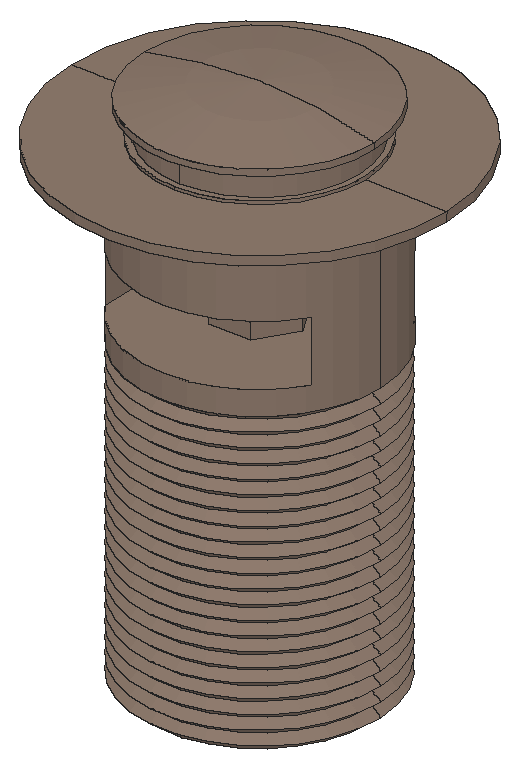
Revit family "ALMA-30mm_Bath_Waste_with_Overflow", category Plumbing Fixtures, Revit 2026
Family settings
  Round Connector Dimension = Use Diameter
  Part Type = Normal
  Work Plane-Based = No
  Enable Cutting in Views = Yes
  Always vertical = Yes
  Cut with Voids When Loaded = No
  Maintain Annotation Orientation = No
  Shared = No
  Room Calculation Point = No
Parameters (values of type "BRUSHED ANTIQUE BRASS")
  Material = BM_ANTIQUE BRASS
  Default Elevation = 0 mm
Reference planes
  plane 1 "Center (Front/Back)": y = 0
  plane 2: z = 0
  plane 3 "Center (Left/Right)": x = 0
  plane 4: x = -31
  plane 5: x = 31
  plane 6: y = 31
  plane 7: y = -31
Forms (mm)
  Revolve 1, solid, material "BM_ANTIQUE BRASS" <- "Material"
    sketch origin (0, 0, -0.248) x (1, 0, 0) y (0, 0, 1)
      loop
        line (0, -28.228) -> (0, 1.748) -> (-31, 1.748) -> (-31, 0.248) -> (-22.891, 0.248)
        arc (-22.891, 0.248) -> (-21.038, -0.803) -> (-19.988, -2.655) r 4
        line (-19.988, -2.655) -> (-19.988, -28.228) -> (0, -28.228)
      axis (0, 1.748) -> (0, -28.228)
    angle from 0 to 360
  Extrusion 2, solid, material "BM_ANTIQUE BRASS" <- "Material"
    sketch origin (0, 0, 1.5) x (0, 1, 0) y (-1, 0, 0)
      loop
        circle (0, 0) r 17.5
    from 0 to 0.5
  Extrusion 3, solid, material "BM_ANTIQUE BRASS" <- "Material"
    sketch origin (0, 0, 2) x (0, 1, 0) y (-1, 0, 0)
      loop
        circle (0, 0) r 16.5
    from 0 to 4.5
  Revolve 4, solid, material "BM_ANTIQUE BRASS" <- "Material"
    sketch origin (0, 0, 0.108) x (1, 0, 0) y (0, 0, 1)
      loop
        line (0, 6.392) -> (0, 9.892)
        arc (0, 9.892) -> (-9.571, 9.206) -> (-19, 7.422) r 83.188
        line (-19, 7.422) -> (-19, 6.392) -> (0, 6.392)
      axis (0, 9.892) -> (0, 6.392)
    angle from 0 to 360
  Revolve 5, solid, material "BM_ANTIQUE BRASS" <- "Material"
    sketch origin (0, 0, -4.147) x (1, 0, 0) y (0, 0, 1)
      loop
        line (0, -24.329) -> (-19.988, -24.329) -> (-18.462, -25.521) -> (-19.946, -26.68) -> (-18.462, -27.839) -> (-19.946, -28.999) -> (-18.462, -30.158) -> (-19.946, -31.317) -> (-18.462, -32.476) -> (-19.946, -33.636) -> (-18.462, -34.795) -> (-19.946, -35.954) -> (-18.462, -37.114) -> (-19.946, -38.273) -> (-18.462, -39.432) -> (-19.946, -40.591) -> (-18.462, -41.751) -> (-19.946, -42.91) -> (-18.462, -44.069) -> (-19.946, -45.229) -> (-18.462, -46.388) -> (-19.946, -47.547) -> (-18.462, -48.707) -> (-19.946, -49.866) -> (-18.462, -51.025) -> (-19.946, -52.184) -> (-18.462, -53.344) -> (-19.946, -54.503) -> (-18.462, -55.662) -> (-19.946, -56.822) -> (-18.462, -57.981) -> (-19.946, -59.14) -> (-18.462, -60.299) -> (-19.946, -61.459) -> (-18.462, -62.618) -> (-19.946, -63.777) -> (-18.462, -64.937) -> (-19.946, -66.096) -> (-18.462, -67.255) -> (-19.946, -68.414) -> (-18.462, -69.574) -> (-19.946, -70.733) -> (-18.462, -71.892) -> (-19.946, -73.052) -> (-18.334, -74.311) -> (0, -74.311) -> (0, -24.329)
      axis (0, -24.329) -> (0, -74.311)
    angle from 0 to 360
  Extrusion 6, void
    sketch origin (0, 0, 0) x (1, 0, 0) y (0, 0, 1)
      loop
        line (-16.988, -14.403) -> (-16.988, -24.476) -> (16.988, -24.476) -> (16.988, -14.403) -> (-16.988, -14.403)
    from -24.304 to 23.375
  Extrusion 7, solid, material "BM_ANTIQUE BRASS" <- "Material"
    sketch origin (0, 0, 0) x (1, 0, 0) y (0, 1, 0)
      loop
        line (7.078, 0) -> (3.539, 6.129) -> (-3.539, 6.129) -> (-7.078, 0) -> (-3.539, -6.129) -> (3.539, -6.129) -> (7.078, 0)
      loop
        line (2.962, 5.129) -> (-2.962, 5.129) -> (-5.923, 0) -> (-2.962, -5.129) -> (2.962, -5.129) -> (5.923, 0) -> (2.962, 5.129)
    from -24.476 to -14.403
Cuts and joins
  Extrusion 6 cuts Revolve 1
Text (mm)
  text "Refer to www.buildmat.com.au for the most current product literature. \nAllow a +/- 5mm tolerance for dimensions shown in the product literature. \nPlease note product details are subject to change due to ongoing product development." at (-1.255, -177.708, 0), in view "Ref. Level"
Dimensions and locks
  equal spacing: plane 4, plane 3 "Center (Left/Right)", plane 5
  equal spacing: plane 7, plane 1 "Center (Front/Back)", plane 6
  aligned and locked: level to plane 2
Automatic sketch dimensions
  plane 4 to Revolve 1 sketch curve = 0 mm
  Revolve 1 sketch curve to level = 0 mm
  Revolve 1 sketch curve to plane 3 "Center (Left/Right)" = 0 mm  (x2)
  Revolve 1 sketch curve to plane 4 = 7.133 mm
  Revolve 1 sketch curve to Revolve 1 sketch curve = 0.976 mm
  Revolve 1 sketch curve to plane 4 = 11.012 mm
  Revolve 1 sketch curve to level = 2.903 mm
  Revolve 1 sketch curve to level = 28.476 mm
  level to Revolve 1 sketch curve = 1.5 mm
  Revolve 1 sketch curve to level = 10 mm
  Revolve 1 sketch curve to Revolve 1 sketch curve = 0.106 mm
  Revolve 4 sketch curve to plane 3 "Center (Left/Right)" = 0 mm  (x2)
  Revolve 4 sketch curve to plane 4 = 12 mm
  plane 3 "Center (Left/Right)" to Revolve 4 sketch curve = 1.152 mm
  Revolve 4 sketch curve to level = 73.18 mm
  level to Revolve 4 sketch curve = 6.5 mm
  Revolve 4 sketch curve to Revolve 4 sketch curve = 1.03 mm
  Revolve 4 sketch curve to Revolve 4 sketch curve = 0 mm  (x2)
  Revolve 5 sketch curve to plane 3 "Center (Left/Right)" = 0 mm  (x2)
  Revolve 5 sketch curve to plane 4 = 12.666 mm
  Revolve 5 sketch curve to plane 4 = 12.538 mm  (x2)
  Revolve 5 sketch curve to Revolve 5 sketch curve = 0 mm  (x20)
  Revolve 5 sketch curve to Revolve 5 sketch curve = 1.484 mm  (x21)
  Revolve 5 sketch curve to Revolve 5 sketch curve = 1.526 mm
  Revolve 5 sketch curve to level = 78.458 mm
  Revolve 5 sketch curve to Revolve 5 sketch curve = 1.259 mm
  Revolve 5 sketch curve to Revolve 5 sketch curve = 1.159 mm  (x41)
  Revolve 5 sketch curve to Revolve 5 sketch curve = 1.192 mm
  Revolve 5 sketch curve to Revolve 5 sketch curve = 0.1 mm
  Extrusion 6 sketch curve to Extrusion 6 sketch curve = 10.072 mm
  Extrusion 6 sketch curve to plane 5 = 14.012 mm
  Extrusion 6 sketch curve to level = 14.403 mm
  Extrusion 6 sketch curve to plane 4 = 14.012 mm
  plane 1 "Center (Front/Back)" to Extrusion 7 sketch curve = 0 mm  (x4)
  Extrusion 7 sketch curve to plane 3 "Center (Left/Right)" = 3.539 mm  (x2)
  plane 3 "Center (Left/Right)" to Extrusion 7 sketch curve = 3.539 mm  (x2)
  plane 1 "Center (Front/Back)" to Extrusion 7 sketch curve = 6.129 mm
  Extrusion 7 sketch curve to plane 1 "Center (Front/Back)" = 6.129 mm
  Extrusion 7 sketch curve to Extrusion 7 sketch curve = 0.577 mm  (x4)
  Extrusion 7 sketch curve to Extrusion 7 sketch curve = 1 mm  (x2)
  plane 3 "Center (Left/Right)" to Extrusion 7 sketch curve = 5.923 mm
  Extrusion 7 sketch curve to Extrusion 7 sketch curve = 1.155 mm  (x2)
  Extrusion 7 sketch curve to Extrusion 7 sketch curve = 2.962 mm
  radius of Extrusion 2 sketch curve to Revolve 1 = 13.5 mm
  radius of Extrusion 3 sketch curve to Extrusion 2 = 1 mm
